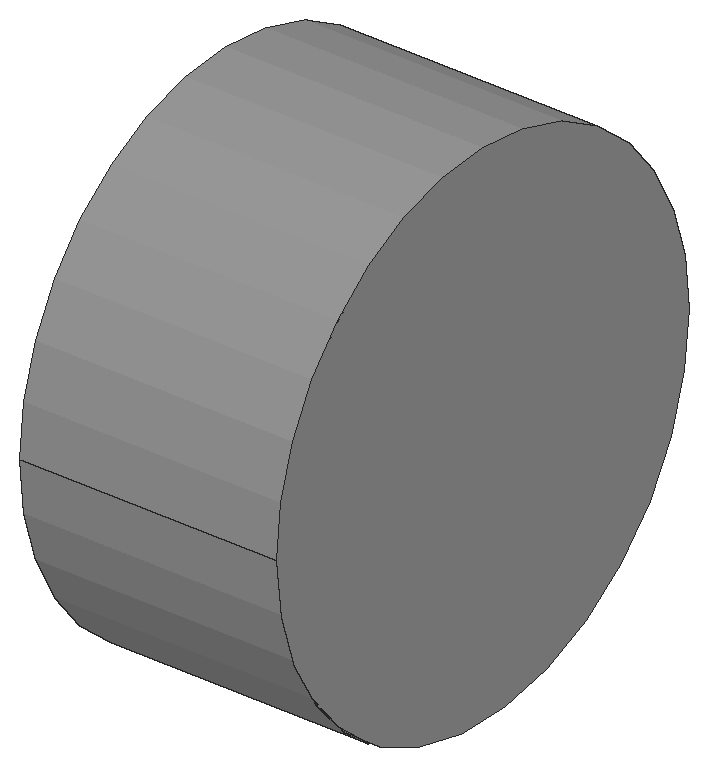
Revit family "Acoplador da âncora encabeçada", category Acopladores do vergalhão estrutural, Revit 2019
Family settings
  Com base no plano de trabalho = Não
  Sempre na vertical = Não
  Corte com vazios quando carregada = Não
  Compartilhado = Não
Parameters (values of type "HA25")
  Diâmetro externo = 80 mm
  Largura do símbolo = 112 mm
  Comprimento do símbolo = 56 mm
  Material = Aço
  Comprimento total = 40 mm
  Tratamento de extremidade 2 = Nenhum
  Tratamento da extremidade 1 = Rosqueado
  Tamanho da barra 2 = Nenhum
  Tamanho da barra 1 = 25 CA-25
  Engate da barra 2 = 36 mm
  Engate da barra 1 = 36 mm
Types (8, lengths in mm): name | Diâmetro externo | Largura do símbolo | Comprimento do símbolo | Comprimento total | Tamanho da barra 1 | Engate da barra 2 | Engate da barra 1
  HA40 | 130 | 156 | 69.6 | 58 | 40 CA-25 | 52 mm | 52 mm
  HA32 | 105 | 136.5 | 58.5 | 45 | 32 CA-25 | 41 mm | 41 mm
  HA25 | 80 | 112 | 56 | 40 | 25 CA-25 | 36 mm | 36 mm
  HA22 | 70 | 98 | 51.8 | 37 | 22 CA-25 | 33 mm | 33 mm
  HA20 | 65 | 91 | 49 | 35 | 20 CA-25 | 32 mm | 32 mm
  HA16 | 55 | 82.5 | 36 | 24 | 16 CA-25 | 22 mm | 22 mm
  HA12.5 | 45 | 67.5 | 31.5 | 21 | 12.5 CA-25 | 19 mm | 19 mm
  HA10 | 35 | 52.5 | 27 | 18 | 10 CA-25 | 16 mm | 16 mm
Reference planes
  plane 1: y = 0
  plane 2: z = 0
  plane 3: x = 0
  plane 4: y = 56
  plane 5: y = -56
  plane 6: x = -20
  plane 7: x = 20
  plane 8: x = -28
  plane 9: x = 28
Forms (mm)
  Extrusion 1, solid, material "Aço" <- "Material"
    sketch origin (-20, 75, 1200) x (0, 1, 0) y (0, 0, 1)
      loop
        circle (-75, -1200) r 40
    from 0 to 40
Lines and regions (mm)
  symbolic lines
    curve 1: line (-28, 56, 0) -> (28, 56, 0)
    curve 2: line (-28, -56, 0) -> (-28, 56, 0)
    curve 3: line (28, -56, 0) -> (-28, -56, 0)
    curve 4: line (28, 56, 0) -> (28, -56, 0)
  reference lines
    curve 5: circle (-20, 0, 0) r 40 normal (1, 0, 0)
Text (mm)
  text "Barra 1" at (-290.494, 8.209, 0), in view "Base"
  text "Barra 2" at (258.76, 8.209, 0), in view "Base"
Dimensions and locks
  "Comprimento do símbolo": plane 8 to plane 9
  equal spacing: plane 8, plane 3, plane 9
  "Comprimento total": plane 6 to plane 7
  equal spacing: plane 6, plane 3, plane 7
  "Largura do símbolo": plane 4 to plane 5
  equal spacing: plane 4, plane 1, plane 5
  "Diâmetro externo": diameter of curve 5
  aligned and locked: curve 1 to plane 4
  aligned and locked: plane 8 to curve 2
  aligned and locked: plane 5 to curve 3
  aligned and locked: curve 4 to plane 9
  aligned and locked: Extrusion 1 sketch curve to curve 5
  aligned and locked: plane 7 to Extrusion 1
Automatic sketch dimensions
  curve 5 to level = 0 mm
  curve 5 to plane 1 = 0 mm
